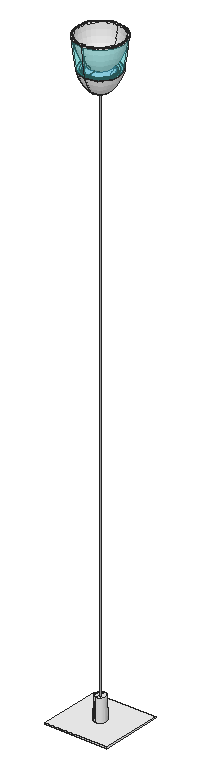
Revit family "BE_56581.1_de_DE", category Leuchten, Revit 2015
Parameters (values of type "BEGA_56581.1_K4")
  built-in parameter 1150104 = 12.96 (stored number, unit not read)
  Wattage = 36.3 W
  Default Elevation = 0 mm
  built-in parameter 1150113 = 1 (stored number, unit not read)
  built-in parameter 1114218 = 1 (stored number, unit not read)
  Umgebungstemperatur = "25 °C"
  URL = "http://www.bega.de/produkt/56581.1"
  Typenkommentare = "© 2017 BEGA. Wir behalten uns das Recht vor, technische Änderungen ohne vorherige Ankündigung vorzunehmen."  # constant formula
  built-in parameter 1150134 = 12
  built-in parameter 1150109 = 1 (stored number, unit not read)
  Strom = ""
  built-in parameter 1150110 = 1 (stored number, unit not read)
  Spannung = 239.996 V
  Sonderanfertigung = no
  Seriennummer [instance] = "Hier können Sie die eindeutige Seriennummer für das Facility Management eintragen."
  Schutzklasse = "I"
  Schutzart = ""
  Scheinlast = 0 VA
  Produktdatenblatt = "http://www.bega.de/download/Xrfa/db/56581.1.db.de.pdf"
  Oberflächentemperatur = ""
  Neigungswinkel = 0.00°
  Modell = "56581.1K4"
  Material_18 = BEGA_Gummi_schwarz
  Material_17 = BEGA_Reflektor
  Material_15 = BEGA_Leuchtmedium_matt
  Material_11 = BEGA_Glas_opal
  Material_10 = BEGA_Glas_matt
  Material_09 = BEGA_Glas_klar
  Material_06 = BEGA_Oberfläche_Edelstahl_gebürstet
  Material_05 = BEGA_Oberfläche_Aluminium Guss
  Material_03 = BEGA_Oberfläche_Weiss_matt
  Material_02 = BEGA_Oberfläche_Silber_matt
  Material_01 [instance] = BEGA_Oberfläche_Grafit_matt
  M_W = no
  M_G = no
  M_A = no
  Logo = 0
  built-in parameter 1114217 = 1 (stored number, unit not read)
  built-in parameter 1150139 = (empty or 0)
  built-in parameter 1150105 = 402.97 (stored number, unit not read)
  built-in parameter 1150114 = 1 (stored number, unit not read)
  Lumens = 5063.85 lm
  built-in parameter 1150115 = 1 (stored number, unit not read)
  Leuchtenlichtstrom = "3644 lm"
  Leuchtenanzahl = ""
  Lebensdauerkriterien = "L70B50 @ 25 °C = 250000 h"
  Lastklassifizierung = Beleuchtung
  built-in parameter 1150112 = 1 (stored number, unit not read)
  Lampenlichtstrom = "5065 lm"
  Lampe = "LED 36.3 W"
  LED_Modulbezeichnung = "LED-0495/940 "
  Hersteller = "BEGA"  # constant formula
  Halbstreuwinkel = ""
  Gewicht = "5.7 kg"
  Gebrauchslageneinschränkung [instance] = ""
  Frequenz = "0/50-60 Hz"
  Farbwiedergabeindex = "Ra > 90"
  Farbtemperaturverschiebung bei Dämpfen der Lampe = <Keine Auswahl>
  Farbtemperatur = "4000 K"
  Color Filter = 16777215
  built-in parameter 1150133 = 10 (stored number, unit not read)
  Energieeffizienzklasse = "LED A++ - A"
  built-in parameter 1150137 = (empty or 0)
  built-in parameter 1150132 = (empty or 0)
  ENEC = "ja"
  Dimmbar [instance] = "DALI"
  Datei für fotometrisches Netz = "BE_56581K4.IES"
  CE_Konformität = "ja"
  Bestellnummer = "56581.1K4"
  Beschreibung_Sonderanfertigung = "Hier können Sie Informationen zur Sonderanfertigung eintragen."
  Beschreibung = "Pendelleuchte"
  built-in parameter 1150106 = 4.0297 (stored number, unit not read)
  Befestigungsbohrung = ""
  Befestigungsabstand = ""
  Ballwurfsicher = ""
  BEGA_Intern_aus = yes
  BEGA_Intern_an = yes
  BEGA_Intern_Konstruktion = yes
  BEGA_Intern = yes
  BEGA_IES = yes
  BEGA_Dummy = no
  Anschlussleitung = ""
  Anschlussleistung [instance] = "41.5 W"
  Anschlusskasten = ""
  built-in parameter 1150107 = 4000 (stored number, unit not read)
  built-in parameter 1150102 = (empty or 0)
  built-in parameter 1150138 = (empty or 0)
  Aktualisierung = "2017-09-27T04:10:59"
  Abstand_zur_angestrahlten_Fläche [instance] = ""
  AC/DC = "AC/DC"
Types (2, lengths in mm): name | built-in parameter 1150104 | built-in parameter 1150134 | Modell | built-in parameter 1150105 | Lumens | Leuchtenlichtstrom | Lampenlichtstrom | LED_Modulbezeichnung | Farbtemperatur | Datei für fotometrisches Netz | Bestellnummer | built-in parameter 1150106 | built-in parameter 1150107
  BEGA_56581.1_K4 | 12.96 (stored number, unit not read) | 12 | "56581.1K4" | 402.97 (stored number, unit not read) | 5063.85 lm | "3644 lm" | "5065 lm" | "LED-0495/940 " | "4000 K" | "BE_56581K4.IES" | "56581.1K4" | 4.0297 (stored number, unit not read) | 4000 (stored number, unit not read)
  BEGA_56581.1_K3 | 12.588 (stored number, unit not read) | (empty or 0) | "56581.1" | 391.41 (stored number, unit not read) | 4918.65 lm | "3540 lm" | "4920 lm" | "LED-0495/930 " | "3000 K" | "BE_56581.IES" | "56581.1" | 3.9141 (stored number, unit not read) | 3000 (stored number, unit not read)
Reference planes
  plane 1 "Mitte (Vorne/Hinten)": y = 0
  plane 2: z = 0
  plane 3 "Mitte (Links/Rechts)": x = 0
  plane 4 "Links": x = -151.3
  plane 5 "Rechts": x = 151.3
  plane 6 "Unten": y = -151.3
  plane 7 "Oben": y = 151.3
  plane 8 "Vorne": z = 3999
  plane 9 "Hinten": z = 0
Forms (mm)
  Extrusion 1, solid, material "BEGA_Platte_Weiss"
    sketch origin (0, -1119.2, 0) x (1, 0, 0) y (0, 1, 0)
      loop
        line (-200, 1319.2) -> (-200, 919.2) -> (200, 919.2) -> (200, 1319.2) -> (-200, 1319.2)
    from 0 to -10
  Extrusion 2, solid, material "BEGA_Dummy_matt", visible <- "BEGA_Dummy"
    sketch origin (77.149, -76.023, 0) x (1, 0, 0) y (0, 1, 0)
      loop
        circle (-77.149, 76.023) r 151.3
    from 0 to 3999
Dimensions and locks
  plane 1 "Mitte (Vorne/Hinten)" to Extrusion 1 = 200 mm
  aligned and locked: plane 2 to Extrusion 1
  aligned and locked: level to Extrusion 1
Nested families
  nested 1: "BE_56581.1" at (0, 0, 0), type "BE_56581.1"
Connectors
  electrical at (0, 0, 0), driven by "Lastklassifizierung", driven by "Spannung", driven by "Scheinlast"
    settings: index 1, voltage 239.996 V, apparent load 0 VA, apparent load phase1 0 VA, apparent load phase2 0 VA, apparent load phase3 0 VA, power factor 1, load classification "Beleuchtung", number of poles 1, system type 31, power factor state 1, is connector primary yes, connector utility no, sub classification motor no, connector description ""
Definition of nested family "BE_56581.1"
  Parameters (values of type "BE_56581.1")
    Default Elevation = 1 mm
    URL = "http://www.bega.de/de/produkt"
    Type Comments = "© 2015 BEGA. Wir behalten uns das Recht vor, technische Änderungen ohne vorherige Ankündigung vorzunehmen. "  # constant formula
    Type Image = (empty or 0)
    Neigungswinkel_um_Z2 = 0.00°
    Neigungswinkel_um_Z1 = 0.00°
    Neigungswinkel_um_Y2 = 0.00°
    Neigungswinkel_um_Y1 = 0.00°
    Neigungswinkel_um_X2 = 0.00°
    Neigungswinkel_um_X1 = 0.00°
    Material_18 = none
    Material_17 = none
    Material_15 = none
    Material_11 = none
    Material_10 = none
    Material_09 = none
    Material_06 = none
    Material_05 = none
    Material_03 = none
    Material_02 = none
    Material_01 = none
    M_W = yes
    M_G = yes
    M_A = yes
    Länge_Platte = 400 mm  # constant formula
    Höhe_Platte = -10 mm  # constant formula
    Manufacturer = "BEGA"  # constant formula
    Drehwinkel_um_Z2 = 0.00°
    Drehwinkel_um_Z1 = 0.00°
    Breite_Platte = 400 mm  # constant formula
  Reference planes
    plane 1 "Mitte (Oben/Unten)": y = 0
    plane 2: z = 0
    plane 3 "Mitte (Links/Rechts)": x = 0
    plane 4: y = 151.3
    plane 5: y = -151.3
    plane 6: z = 4000
    plane 7: x = -151.3
    plane 8: x = 151.3
  Forms (mm)
    Extrusion 1, solid, detail levels medium
      sketch origin (0, 0, 0) x (1, 0, 0) y (0, 1, 0)
        loop
          line (-200, 200) -> (-200, -200) -> (200, -200) -> (200, 200) -> (-200, 200)
      from 0 to -10 <- "Höhe_Platte"
    Revolve 2, solid, material <- "Material_03", detail levels medium+fine
      sketch origin (0, 0, 0) x (0, 1, 0) y (0, 0, 1)
        loop
          line (-36.248, 0.5) -> (-34, 0.5) -> (-34, 2.676) -> (-32.481, 2.729) -> (-31.3, 138.025)
          arc (-31.3, 138.025) -> (-30.705, 139.423) -> (-29.3, 140) r 2
          line (-29.3, 140) -> (0, 140) -> (0, 143.501)
          arc (0, 143.501) -> (-17.512, 143.245) -> (-35.009, 142.479) r 600
          line (-35.009, 142.479) -> (-36.248, 0.5)
        axis (0, 0.5) -> (0, 143.501)
      angle from 0 to 360
    Revolve 3, solid, material <- "Material_05", detail levels medium+fine
      sketch origin (0, 0, 0) x (0, 1, 0) y (0, 0, 1)
        loop
          line (-32.14, 2) -> (-32.175, 1) -> (-33.765, 1) -> (-33.8, 0) -> (0, 0) -> (0, 2) -> (-32.14, 2)
        axis (0, 0) -> (0, 2)
      angle from 0 to 360
    Extrusion 4, void
      sketch origin (0, 0, 0) x (1, 0, 0) y (0, 1, 0)
        loop
          arc (-9.887, 12.652) -> (-16.053, -0.003) -> (-9.876, -12.652) r 16.053
          line (-9.876, -12.652) -> (9.484, -12.652)
          arc (9.484, -12.652) -> (15.815, -0.003) -> (9.495, 12.652) r 15.815
          line (9.495, 12.652) -> (-9.887, 12.652)
        loop
          circle (-0.016, 25) r 2.25
        loop
          circle (-0.016, -25) r 2.25
      from 0 to 3.541
    Revolve 5, solid, material <- "Material_03", detail levels medium+fine
      sketch origin (0, 0, 0) x (0, 1, 0) y (0, 0, 1)
        loop
          line (-151.3, 3997) -> (-150.3, 3997) -> (-150.3, 3999) -> (-139.949, 3999)
          spline (-139.949, 3999) -> (-138.779, 3976.236) -> (-136.01, 3953.855) -> (-131.676, 3932.161) -> (-125.838, 3911.444) -> (-118.571, 3891.985) -> (-109.972, 3874.046) -> (-100.154, 3857.87) -> (-89.246, 3843.674) -> (-77.391, 3831.655) -> (-64.745, 3821.976) -> (-51.475, 3814.779) -> (-37.762, 3810.166)
          arc (-37.762, 3810.166) -> (-37.214, 3809.812) -> (-37, 3809.196) r 1
          line (-37, 3809.196) -> (-37, 3805) -> (-36, 3805) -> (-36, 3809.985)
          arc (-36, 3809.985) -> (-36.219, 3810.608) -> (-36.779, 3810.958) r 1
          spline (-36.779, 3810.958) -> (-50.367, 3815.489) -> (-63.542, 3822.592) -> (-76.126, 3832.17) -> (-87.949, 3844.094) -> (-98.85, 3858.202) -> (-108.68, 3874.301) -> (-117.307, 3892.175) -> (-124.613, 3911.58) -> (-130.5, 3932.253) -> (-134.887, 3953.913) -> (-137.714, 3976.266) -> (-138.944, 3999.009)
          arc (-138.944, 3999.009) -> (-139.241, 3999.71) -> (-139.944, 4000) r 1
          line (-139.944, 4000) -> (-150.3, 4000)
          arc (-150.3, 4000) -> (-151.007, 3999.707) -> (-151.3, 3999) r 1
          line (-151.3, 3999) -> (-151.3, 3997)
        axis (0, 3805) -> (0, 4000)
      angle from 0 to 360
    Revolve 6, solid, material <- "Material_09", detail levels medium+fine
      sketch origin (0, 0, 0) x (0, 1, 0) y (0, 0, 1)
        loop
          line (-102.7, 3768.034) -> (-96.4, 3768.034) -> (-96.4, 3792.847)
          arc (-96.4, 3792.847) -> (-98.818, 3798.985) -> (-104.772, 3801.826) r 9
          line (-104.772, 3801.826) -> (-121.101, 3802.97)
          arc (-121.101, 3802.97) -> (-138.31, 3900.406) -> (-145.438, 3999.093) r 963.829
          line (-145.438, 3999.093) -> (-149.939, 3999.093)
          arc (-149.939, 3999.093) -> (-142.528, 3897.875) -> (-124.563, 3797.988) r 968.329
          arc (-124.563, 3797.988) -> (-124.199, 3797.391) -> (-123.552, 3797.127) r 1.119
          line (-123.552, 3797.127) -> (-107.926, 3796.034) -> (-102.7, 3768.034)
        axis (0, 3768.034) -> (0, 3999.093)
      angle from 0 to 360
    Revolve 7, solid, material <- "Material_03", detail levels medium+fine
      sketch origin (0, 0, 0) x (0, 1, 0) y (0, 0, 1)
        loop
          line (-3.71, 3663.451) -> (0, 3663.451) -> (0, 3666.998)
          arc (0, 3666.998) -> (-36.026, 3674.484) -> (-65.816, 3696.08) r 87.76
          arc (-65.816, 3696.08) -> (-99.133, 3743.474) -> (-120.273, 3797.412) r 242.773
          line (-120.273, 3797.412) -> (-123.99, 3797.412)
          arc (-123.99, 3797.412) -> (-102.525, 3742.181) -> (-68.493, 3693.673) r 246.373
          arc (-68.493, 3693.673) -> (-39.18, 3671.963) -> (-3.71, 3663.451) r 91.36
        axis (0, 3663.451) -> (0, 3797.412)
      angle from 0 to 360
    Revolve 8, solid, material <- "Material_03", detail levels medium+fine
      sketch origin (0, 0, 0) x (0, 1, 0) y (0, 0, 1)
        loop
          line (-3.35, 118.995) -> (0, 118.995) -> (0, 3695.157) -> (-3.35, 3695.157) -> (-3.35, 118.995)
        axis (0, 3695.157) -> (0, 118.995)
      angle from 0 to 360
    Revolve 9, solid, material <- "Material_10", detail levels medium+fine
      sketch origin (0, 0, 0) x (0, 1, 0) y (0, 0, 1)
        loop
          line (0, 3806.329) -> (0, 3821.829)
          arc (0, 3821.829) -> (-17.765, 3819.684) -> (-34.51, 3813.374) r 74.657
          arc (-34.51, 3813.374) -> (-35.259, 3812.685) -> (-35.571, 3811.717) r 2
          line (-35.571, 3811.717) -> (-35.805, 3807.255)
          arc (-35.805, 3807.255) -> (-36.079, 3806.619) -> (-36.699, 3806.313) r 1
          line (-36.699, 3806.313) -> (-92.963, 3800.4)
          arc (-92.963, 3800.4) -> (-93.589, 3800.094) -> (-93.863, 3799.453) r 1
          line (-93.863, 3799.453) -> (-94.522, 3786.868)
          arc (-94.522, 3786.868) -> (-94.386, 3786.498) -> (-94.023, 3786.342) r 0.5
          line (-94.023, 3786.342) -> (-89.042, 3786.342) -> (-88.608, 3794.636)
          arc (-88.608, 3794.636) -> (-88.061, 3795.908) -> (-86.82, 3796.521) r 2
          line (-86.82, 3796.521) -> (-32.407, 3802.24)
          arc (-32.407, 3802.24) -> (-31.789, 3802.543) -> (-31.513, 3803.174) r 1
          line (-31.513, 3803.174) -> (-31.398, 3805.373)
          arc (-31.398, 3805.373) -> (-31.09, 3806.051) -> (-30.399, 3806.329) r 1
          line (-30.399, 3806.329) -> (0, 3806.329)
        axis (0, 3821.829) -> (0, 3786.342)
      angle from 0 to 360
  Cuts and joins
    Extrusion 4 cuts Revolve 3
  Dimensions and locks
    equal spacing: Extrusion 1 sketch curve, plane 3 "Mitte (Links/Rechts)", Extrusion 1 sketch curve
    equal spacing: Extrusion 1 sketch curve, plane 1 "Mitte (Oben/Unten)", Extrusion 1 sketch curve
    "Länge_Platte": Extrusion 1 sketch curve to Extrusion 1 sketch curve
    "Breite_Platte": Extrusion 1 sketch curve to Extrusion 1 sketch curve
    aligned and locked: Extrusion 1 to plane 2
    aligned and locked: level to Extrusion 1
  Automatic sketch dimensions
    Revolve 3 sketch curve to plane 1 "Mitte (Oben/Unten)" = 0 mm  (x2)
    Revolve 3 sketch curve to level = 0 mm  (x2)
    plane 1 "Mitte (Oben/Unten)" to Revolve 3 sketch curve = 32.14 mm
    Revolve 3 sketch curve to Revolve 3 sketch curve = 2.125 mm
    Revolve 3 sketch curve to Revolve 3 sketch curve = 0.035 mm  (x2)
    Revolve 3 sketch curve to Revolve 3 sketch curve = 1.59 mm
    level to Revolve 3 sketch curve = 1 mm
    Revolve 3 sketch curve to Revolve 3 sketch curve = 2 mm
    Extrusion 4 sketch curve to Extrusion 4 sketch curve = 0 mm  (x2)
    Extrusion 4 sketch curve to plane 3 "Mitte (Links/Rechts)" = 0 mm
    Extrusion 4 sketch curve to plane 3 "Mitte (Links/Rechts)" = 0.016 mm  (x2)
    Extrusion 4 sketch curve to plane 3 "Mitte (Links/Rechts)" = 9.876 mm
    Extrusion 4 sketch curve to plane 3 "Mitte (Links/Rechts)" = 9.887 mm
    plane 3 "Mitte (Links/Rechts)" to Extrusion 4 sketch curve = 9.484 mm
    plane 1 "Mitte (Oben/Unten)" to Extrusion 4 sketch curve = 25 mm
    Extrusion 4 sketch curve to plane 1 "Mitte (Oben/Unten)" = 0.004 mm
    Extrusion 4 sketch curve to Extrusion 4 sketch curve = 12.348 mm
    plane 1 "Mitte (Oben/Unten)" to Extrusion 4 sketch curve = 12.652 mm
    Revolve 2 sketch curve to plane 1 "Mitte (Oben/Unten)" = 0 mm  (x2)
    plane 1 "Mitte (Oben/Unten)" to Revolve 2 sketch curve = 29.3 mm
    Revolve 2 sketch curve to Revolve 2 sketch curve = 2 mm
    level to Revolve 2 sketch curve = 2.729 mm
    plane 1 "Mitte (Oben/Unten)" to Revolve 2 sketch curve = 32.481 mm
    Revolve 2 sketch curve to Revolve 2 sketch curve = 1.52 mm
    Revolve 2 sketch curve to Revolve 2 sketch curve = 3.709 mm
    level to Revolve 2 sketch curve = 0.5 mm
    Revolve 2 sketch curve to Revolve 2 sketch curve = 2.248 mm
    Revolve 2 sketch curve to level = 456.499 mm
    Revolve 2 sketch curve to Revolve 2 sketch curve = 0.053 mm
    Revolve 2 sketch curve to Revolve 2 sketch curve = 135.271 mm
    Revolve 2 sketch curve to Revolve 2 sketch curve = 0.025 mm
    Revolve 2 sketch curve to Revolve 2 sketch curve = 0 mm  (x4)
    Revolve 2 sketch curve to Revolve 2 sketch curve = 4.454 mm
    Revolve 2 sketch curve to Revolve 2 sketch curve = 46.562 mm
    Revolve 7 sketch curve to Revolve 7 sketch curve = 0 mm  (x7)
    Revolve 7 sketch curve to plane 1 "Mitte (Oben/Unten)" = 0 mm  (x2)
    plane 1 "Mitte (Oben/Unten)" to Revolve 7 sketch curve = 0.556 mm
    plane 1 "Mitte (Oben/Unten)" to Revolve 7 sketch curve = 3.71 mm
    Revolve 7 sketch curve to Revolve 7 sketch curve = 3.717 mm
    Revolve 7 sketch curve to Revolve 7 sketch curve = 3.547 mm
    Revolve 7 sketch curve to Revolve 7 sketch curve = 87.758 mm
    Revolve 7 sketch curve to Revolve 7 sketch curve = 42.656 mm
    Revolve 7 sketch curve to Revolve 7 sketch curve = 103.641 mm
    Revolve 7 sketch curve to Revolve 7 sketch curve = 4.003 mm
    Revolve 6 sketch curve to Revolve 6 sketch curve = 0 mm  (x5)
    Revolve 6 sketch curve to plane 1 "Mitte (Oben/Unten)" = 0 mm
    Revolve 6 sketch curve to Revolve 6 sketch curve = 6.3 mm
    Revolve 6 sketch curve to Revolve 6 sketch curve = 9 mm
    Revolve 6 sketch curve to Revolve 6 sketch curve = 2.526 mm
    Revolve 6 sketch curve to Revolve 6 sketch curve = 0.078 mm
    Revolve 6 sketch curve to Revolve 6 sketch curve = 24.813 mm
    Revolve 6 sketch curve to Revolve 6 sketch curve = 3.187 mm
    Revolve 6 sketch curve to Revolve 6 sketch curve = 1.093 mm
    Revolve 6 sketch curve to Revolve 6 sketch curve = 1.116 mm
    Revolve 6 sketch curve to Revolve 6 sketch curve = 4.727 mm
    Revolve 6 sketch curve to Revolve 6 sketch curve = 226.251 mm
    Revolve 6 sketch curve to Revolve 6 sketch curve = 3.153 mm
    Revolve 6 sketch curve to Revolve 6 sketch curve = 4.501 mm
    Revolve 6 sketch curve to Revolve 6 sketch curve = 0.79 mm
    Revolve 6 sketch curve to Revolve 6 sketch curve = 0.003 mm
    Revolve 6 sketch curve to Revolve 6 sketch curve = 40 mm
    Revolve 9 sketch curve to plane 1 "Mitte (Oben/Unten)" = 0 mm  (x2)
    plane 1 "Mitte (Oben/Unten)" to Revolve 9 sketch curve = 0.001 mm
    plane 1 "Mitte (Oben/Unten)" to Revolve 9 sketch curve = 30.399 mm
    Revolve 9 sketch curve to Revolve 9 sketch curve = 0.999 mm  (x3)
    Revolve 9 sketch curve to Revolve 9 sketch curve = 0.115 mm
    Revolve 9 sketch curve to Revolve 9 sketch curve = 0.998 mm
    Revolve 9 sketch curve to Revolve 9 sketch curve = 3.176 mm
    Revolve 9 sketch curve to Revolve 9 sketch curve = 1.997 mm  (x2)
    Revolve 9 sketch curve to Revolve 9 sketch curve = 1.232 mm
    Revolve 9 sketch curve to Revolve 9 sketch curve = 2.432 mm
    Revolve 9 sketch curve to Revolve 9 sketch curve = 6.254 mm
    Revolve 9 sketch curve to Revolve 9 sketch curve = 0.099 mm
    Revolve 9 sketch curve to Revolve 9 sketch curve = 4.981 mm
    Revolve 9 sketch curve to Revolve 9 sketch curve = 39.17 mm
    Revolve 9 sketch curve to Revolve 9 sketch curve = 0.5 mm
    Revolve 9 sketch curve to Revolve 9 sketch curve = 8.19 mm
    Revolve 9 sketch curve to Revolve 9 sketch curve = 4.873 mm
    Revolve 9 sketch curve to Revolve 9 sketch curve = 0.049 mm
    Revolve 9 sketch curve to Revolve 9 sketch curve = 8.642 mm
    Revolve 9 sketch curve to Revolve 9 sketch curve = 0.061 mm
    Revolve 9 sketch curve to Revolve 9 sketch curve = 2.155 mm
    Revolve 9 sketch curve to Revolve 9 sketch curve = 0.044 mm
    Revolve 9 sketch curve to Revolve 9 sketch curve = 1.935 mm
    Revolve 9 sketch curve to Revolve 9 sketch curve = 4.299 mm
    Revolve 9 sketch curve to Revolve 9 sketch curve = 0.11 mm
    Revolve 9 sketch curve to Revolve 9 sketch curve = 15.5 mm
    Revolve 9 sketch curve to Revolve 9 sketch curve = 0.105 mm  (x3)
    Revolve 9 sketch curve to Revolve 9 sketch curve = 0 mm  (x13)
    Revolve 9 sketch curve to Revolve 9 sketch curve = 0.209 mm
    Revolve 9 sketch curve to Revolve 9 sketch curve = 0.499 mm
    Revolve 9 sketch curve to Revolve 9 sketch curve = 0.995 mm
    Revolve 9 sketch curve to Revolve 9 sketch curve = 1.71 mm
    Revolve 5 sketch curve to plane 1 "Mitte (Oben/Unten)" = 0 mm
    plane 1 "Mitte (Oben/Unten)" to Revolve 5 sketch curve = 36 mm
    Revolve 5 sketch curve to Revolve 5 sketch curve = 1 mm  (x4)
    Revolve 5 sketch curve to Revolve 5 sketch curve = 0 mm  (x4)
    Revolve 5 sketch curve to Revolve 5 sketch curve = 0.005 mm
    Revolve 5 sketch curve to Revolve 5 sketch curve = 10.356 mm
    Revolve 5 sketch curve to Revolve 5 sketch curve = 4.194 mm
    Revolve 5 sketch curve to Revolve 5 sketch curve = 0.002 mm  (x2)
    Revolve 5 sketch curve to Revolve 5 sketch curve = 0.787 mm
    Revolve 5 sketch curve to Revolve 5 sketch curve = 187.017 mm
    Revolve 5 sketch curve to Revolve 5 sketch curve = 2 mm
    plane 1 "Mitte (Oben/Unten)" to Revolve 5 sketch curve = 20 mm
    Revolve 5 sketch curve to Revolve 5 sketch curve = 0.221 mm
    Revolve 5 sketch curve to Revolve 5 sketch curve = 0.762 mm
    Revolve 5 sketch curve to Revolve 5 sketch curve = 34.953 mm
    Revolve 5 sketch curve to Revolve 5 sketch curve = 26.315 mm
    Revolve 5 sketch curve to Revolve 5 sketch curve = 5.991 mm
    Revolve 8 sketch curve to plane 1 "Mitte (Oben/Unten)" = 0 mm  (x2)
    Revolve 8 sketch curve to Revolve 8 sketch curve = 3.35 mm
    level to Revolve 8 sketch curve = 118.995 mm
    Revolve 8 sketch curve to Revolve 8 sketch curve = 1175 mm
    Revolve 8 sketch curve to Revolve 8 sketch curve = 50 mm
    Revolve 7 sketch curve to plane 1 "Mitte (Oben/Unten)" = 114.716 mm
    Revolve 5 sketch curve to Revolve 5 sketch curve = 119.944 mm
    plane 1 "Mitte (Oben/Unten)" to Revolve 6 sketch curve = 96.4 mm
    Revolve 6 sketch curve to Revolve 6 sketch curve = 13.175 mm
    Revolve 6 sketch curve to Revolve 6 sketch curve = 2.373 mm
    plane 1 "Mitte (Oben/Unten)" to Revolve 6 sketch curve = 145.438 mm
    Revolve 7 sketch curve to Revolve 7 sketch curve = 54.456 mm
    Revolve 9 sketch curve to Revolve 9 sketch curve = 49.911 mm
    level to Revolve 5 sketch curve = 3805 mm
    level to Revolve 6 sketch curve = 3768.034 mm
    level to Revolve 7 sketch curve = 3663.451 mm
    Revolve 8 sketch curve to Revolve 8 sketch curve = 2351.163 mm
    level to Revolve 9 sketch curve = 3747.172 mm
    radius of Extrusion 4 sketch curve = 2.25 mm  (x2)
